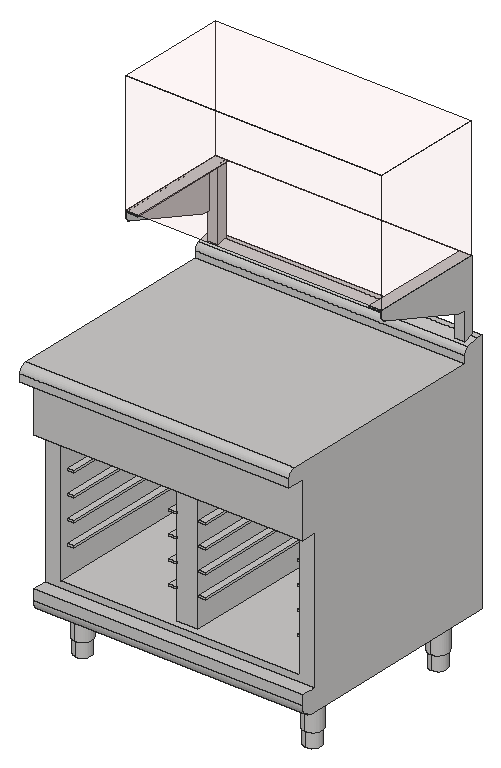
Revit family "QF_MOFFAT WALDORF_BTL8900S-CB", category Specialty Equipment, Revit 2012
Parameters
  Weight in Pounds = 205.0297  # constant formula
  Width [instance] = 900.00 mm  # constant formula
  URL Cutsheet = "www.moffat.com"
  URL = "www.moffat.com"
  Type Mark [instance] = ""
  Status [instance] = ""
  Specification by User [instance] = ""
  Specification by Manufacturer = ""
  Show Clearance [instance] = yes
  Show Casters [instance] = no
  Serial Number = ""
  Seismic Rating = ""
  SMACNA No = ""
  Revision Code [instance] = ""
  Omniclass Number and Title = ""
  NAFEM Spec ID Number = ""
  Model = "BTL8900S-CB"
  Masterspec = ""
  Manufacturer = "MOFFAT WALDORF"
  Legs [instance] = not(Show Casters)  # yes
  Item Number [instance] = ""
  Installed By [instance] = ""
  Identify Quantity as Lot [instance] = yes
  Height = 972.00 mm  # constant formula
  Furnished By [instance] = ""
  Foodservice Equipment Identifier [instance] = yes
  Description = "BENCH TOP LOW SPLASHBACK FOR SALAMANDER ON CABINET BASE"
  Depth [instance] = 805.00 mm  # constant formula
  CSI MasterFormat = ""
  CSI Master Format = ""
  Back Splash [instance] = 215.00 mm  # constant formula
Reference planes
  plane 1 "BACK": y = 0
  plane 2: z = 0
  plane 3 "LEFT": x = 0
  plane 4 "RIGHT": x = 900
  plane 5 "FRONT": y = -805
  plane 6 "TOP": z = 972
  plane 7 "Center Y": x = 450
  plane 8 "Center X": y = -402.5
  plane 9 "Base Height": z = 150
  plane 10: z = 915
  plane 11: x = 65
  plane 12: x = 834.938
  plane 13: y = -625
  plane 14: y = -100
  plane 15: z = 1612.004
Forms (mm)
  Extrusion 1, solid, material "QF_Finishes_Stainless Steel"
    sketch origin (0, 0, 0) x (0, 1, 0) y (0, 0, 1)
      loop
        line (-144, 222.5) -> (-749, 222.5) -> (-749, 188)
        arc (-749, 188) -> (-737.87, 161.13) -> (-711, 150) r 38
        line (-711, 150) -> (0, 150) -> (0, 972) -> (-16.5, 972) -> (-58, 960.88)
        arc (-58, 960.88) -> (-66.785, 952.095) -> (-70, 940.095) r 24
        line (-70, 940.095) -> (-70, 917) -> (-781, 917)
        arc (-781, 917) -> (-797.971, 909.971) -> (-805, 893) r 24
        line (-805, 893) -> (-805, 868) -> (-749, 868) -> (-749, 685) -> (-144, 685) -> (-144, 222.5)
    from 0 to 900
  Revolve 2, solid, material "QF_Finishes_Stainless Steel", visible <- "Legs"
    sketch origin (65, -165, 0) x (0, 1, 0) y (0, 0, 1)
      loop
        line (33.25, 150) -> (33.25, 50) -> (37.5, 50) -> (37.5, 0) -> (65, 0) -> (65, 150) -> (33.25, 150)
      axis (65, 150) -> (65, 0)
    angle from 0 to 360
  Revolve 3, solid, material "QF_Finishes_Stainless Steel"
    sketch origin (65, -735, 0) x (0, 1, 0) y (0, 0, 1)
      loop
        line (78.25, 150) -> (78.25, 50) -> (82.5, 50) -> (82.5, 0) -> (110, 0) -> (110, 150) -> (78.25, 150)
      axis (110, 150) -> (110, 0)
    angle from 0 to 360
  Revolve 4, solid, material "QF_Finishes_Stainless Steel", visible <- "Legs"
    sketch origin (834.938, -165, 0) x (0, 1, 0) y (0, 0, -1)
      loop
        line (33.25, -150) -> (65, -150) -> (65, 0) -> (37.5, 0) -> (37.5, -50) -> (33.25, -50) -> (33.25, -150)
      axis (65, -150) -> (65, 0)
    angle from 0 to 360
  Revolve 5, solid, material "QF_Finishes_Stainless Steel"
    sketch origin (834.938, -735, 0) x (0, 1, 0) y (0, 0, -1)
      loop
        line (78.25, -150) -> (110, -150) -> (110, 0) -> (82.5, 0) -> (82.5, -50) -> (78.25, -50) -> (78.25, -150)
      axis (110, -150) -> (110, 0)
    angle from 0 to 360
  Extrusion 6, solid, material "QF_Finishes_Stainless Steel"
    sketch origin (0, -70, 1085.255) x (0, 0, -1) y (1, 0, 0)
      loop
        line (400.255, 850) -> (400.255, 50) -> (842.755, 50) -> (842.755, 850) -> (400.255, 850)
      loop
        line (345.255, 0) -> (862.755, 0) -> (862.755, 900) -> (345.255, 900) -> (345.255, 0)
    from 0 to 629
  Extrusion 7, solid, material "QF_Finishes_Stainless Steel"
    sketch origin (0, -70, 1085.255) x (0, 0, -1) y (1, 0, 0)
      loop
        line (400.255, 419.5) -> (842.755, 419.5) -> (842.755, 490.5) -> (400.255, 490.5) -> (400.255, 419.5)
    from 74 to 604
  Extrusion 8, solid, material "QF_Finishes_Stainless Steel"
    sketch origin (0, -70, 1085.255) x (0, 0, -1) y (1, 0, 0)
      loop
        line (596.505, 419.5) -> (590.155, 419.5) -> (590.155, 394.5) -> (596.505, 394.5) -> (596.505, 419.5)
      loop
        line (671.505, 419.5) -> (665.155, 419.5) -> (665.155, 394.5) -> (671.505, 394.5) -> (671.505, 419.5)
      loop
        line (671.505, 50) -> (671.505, 75) -> (665.155, 75) -> (665.155, 50) -> (671.505, 50)
      loop
        line (590.155, 75) -> (590.155, 50) -> (596.505, 50) -> (596.505, 75) -> (590.155, 75)
      loop
        line (746.505, 419.5) -> (740.155, 419.5) -> (740.155, 394.5) -> (746.505, 394.5) -> (746.505, 419.5)
      loop
        line (746.505, 50) -> (746.505, 75) -> (740.155, 75) -> (740.155, 50) -> (746.505, 50)
      loop
        line (521.505, 419.5) -> (515.155, 419.5) -> (515.155, 394.5) -> (521.505, 394.5) -> (521.505, 419.5)
      loop
        line (515.155, 75) -> (515.155, 50) -> (521.505, 50) -> (521.505, 75) -> (515.155, 75)
    from 74 to 604
  Extrusion 9, solid, material "QF_Finishes_Stainless Steel"
    sketch origin (430.5, -70, 1085.255) x (0, 0, -1) y (1, 0, 0)
      loop
        line (596.505, 419.5) -> (590.155, 419.5) -> (590.155, 394.5) -> (596.505, 394.5) -> (596.505, 419.5)
      loop
        line (671.505, 419.5) -> (665.155, 419.5) -> (665.155, 394.5) -> (671.505, 394.5) -> (671.505, 419.5)
      loop
        line (671.505, 60) -> (671.505, 85) -> (665.155, 85) -> (665.155, 60) -> (671.505, 60)
      loop
        line (590.155, 85) -> (590.155, 60) -> (596.505, 60) -> (596.505, 85) -> (590.155, 85)
      loop
        line (746.505, 419.5) -> (740.155, 419.5) -> (740.155, 394.5) -> (746.505, 394.5) -> (746.505, 419.5)
      loop
        line (746.505, 60) -> (746.505, 85) -> (740.155, 85) -> (740.155, 60) -> (746.505, 60)
      loop
        line (521.505, 419.5) -> (515.155, 419.5) -> (515.155, 394.5) -> (521.505, 394.5) -> (521.505, 419.5)
      loop
        line (515.155, 85) -> (515.155, 60) -> (521.505, 60) -> (521.505, 85) -> (515.155, 85)
    from 74 to 604
  Extrusion 10, solid, material "QF_Clearance", visible <- "Show Clearance"
    sketch origin (900.02, -45, 1207.004) x (0, 1, 0) y (-1, 0, 0)
      loop
        line (-346, 878.54) -> (-346, 21.5) -> (32, 21.5) -> (32, 878.54) -> (-346, 878.54)
    from 0 to 405
  Extrusion 11, solid, material "QF_Finishes_Stainless Steel"
    sketch origin (-0.02, 0, 0.004) x (0, 1, 0) y (0, 0, 1)
      loop
        line (-13, 1204.5) -> (-45, 1204.5) -> (-45, 964.359) -> (-16.483, 972) -> (-13, 972) -> (-13, 1204.5)
    from 21.5 to 53.5
  Extrusion 12, solid, material "QF_Finishes_Stainless Steel"
    sketch origin (-0.02, 0, 0.004) x (0, 1, 0) y (0, 0, 1)
      loop
        line (-391, 1207) -> (-391, 1194.344)
        arc (-391, 1194.344) -> (-386.541, 1180.094) -> (-374.754, 1170.927) r 25
        line (-374.754, 1170.927) -> (-70, 1057) -> (-13, 1057) -> (-13, 1207) -> (-391, 1207)
    from 21.5 to 24.592
  Extrusion 13, solid, material "QF_Finishes_Stainless Steel"
    sketch origin (-0.02, -45, 1204.504) x (0, 1, 0) y (-1, 0, 0)
      loop
        line (32, -24.592) -> (-346, -24.592) -> (-346, -64) -> (32, -64) -> (32, -24.592)
    from 0 to 2.5
  Extrusion 14, solid, material "QF_Finishes_Stainless Steel"
    sketch origin (900.02, 0, 0.004) x (0, 1, 0) y (0, 0, -1)
      loop
        line (-13, -1204.5) -> (-13, -972) -> (-16.483, -972) -> (-45, -964.359) -> (-45, -1204.5) -> (-13, -1204.5)
    from 21.5 to 53.5
  Extrusion 15, solid, material "QF_Finishes_Stainless Steel"
    sketch origin (900.02, 0, 0.004) x (0, 1, 0) y (0, 0, -1)
      loop
        line (-391, -1207) -> (-13, -1207) -> (-13, -1057) -> (-70, -1057) -> (-374.754, -1170.927)
        arc (-374.754, -1170.927) -> (-386.541, -1180.094) -> (-391, -1194.344) r 25
        line (-391, -1194.344) -> (-391, -1207)
    from 21.5 to 24.592
  Extrusion 16, solid, material "QF_Finishes_Stainless Steel"
    sketch origin (900.02, -45, 1204.504) x (0, 1, 0) y (-1, 0, 0)
      loop
        line (32, 24.592) -> (32, 64) -> (-346, 64) -> (-346, 24.592) -> (32, 24.592)
    from 0 to 2.5
  Extrusion 17, void
    sketch origin (0, 0, 223) x (1, 0, 0) y (0, 1, 0)
      loop
        line (824, -87) -> (824, 0) -> (694, 0) -> (694, -39) -> (744, -87) -> (824, -87)
    from 0 to 476
Cuts and joins
  Extrusion 17 cuts Extrusion 1
  Extrusion 17 cuts Extrusion 6
  joined: Extrusion 1, Extrusion 6
  joined: Extrusion 14, Extrusion 15, Extrusion 16
  joined: Extrusion 11, Extrusion 12, Extrusion 13
  Extrusion 17 cuts Revolve 4
Lines and regions (mm)
  Split face 1
    outline origin (900, -16.5, 972) x (-1, 0, 0) y (0, -0.965926, -0.258819)
      loop
        line (770.5, 3.416) -> (770.5, 30.86) -> (750.5, 30.86) -> (750.5, 3.416) -> (770.5, 3.416)
  Split face 2
    outline origin (900, -16.5, 972) x (-1, 0, 0) y (0, -0.965926, -0.258819)
      loop
        line (743.544, 3.416) -> (743.544, 30.86) -> (723.544, 30.86) -> (723.544, 3.416) -> (743.544, 3.416)
  Split face 3
    outline origin (900, -16.5, 972) x (-1, 0, 0) y (0, -0.965926, -0.258819)
      loop
        line (696.446, 3.416) -> (716.446, 3.416) -> (716.446, 30.86) -> (696.446, 30.86) -> (696.446, 3.416)
  Split face 4
    outline origin (900, -16.5, 972) x (-1, 0, 0) y (0, -0.965926, -0.258819)
      loop
        line (669.453, 30.86) -> (669.453, 3.416) -> (689.453, 3.416) -> (689.453, 30.86) -> (669.453, 30.86)
  Split face 5
    outline origin (900, -16.5, 972) x (-1, 0, 0) y (0, -0.965926, -0.258819)
      loop
        line (642.5, 30.86) -> (642.5, 3.416) -> (662.5, 3.416) -> (662.5, 30.86) -> (642.5, 30.86)
  Split face 6
    outline origin (900, -16.5, 972) x (-1, 0, 0) y (0, -0.965926, -0.258819)
      loop
        line (615.5, 30.86) -> (615.5, 3.416) -> (635.5, 3.416) -> (635.5, 30.86) -> (615.5, 30.86)
  Split face 7
    outline origin (900, -16.5, 972) x (-1, 0, 0) y (0, -0.965926, -0.258819)
      loop
        line (588.5, 30.86) -> (588.5, 3.416) -> (608.5, 3.416) -> (608.5, 30.86) -> (588.5, 30.86)
  Split face 8
    outline origin (900, -16.5, 972) x (-1, 0, 0) y (0, -0.965926, -0.258819)
      loop
        line (581.5, 30.86) -> (561.5, 30.86) -> (561.5, 3.416) -> (581.5, 3.416) -> (581.5, 30.86)
  Split face 9
    outline origin (900, -16.5, 972) x (-1, 0, 0) y (0, -0.965926, -0.258819)
      loop
        line (554.5, 3.416) -> (554.5, 30.86) -> (534.5, 30.86) -> (534.5, 3.416) -> (554.5, 3.416)
  Split face 10
    outline origin (900, -16.5, 972) x (-1, 0, 0) y (0, -0.965926, -0.258819)
      loop
        line (507.5, 30.86) -> (507.5, 3.416) -> (527.5, 3.416) -> (527.5, 30.86) -> (507.5, 30.86)
  Split face 11
    outline origin (900, -16.5, 972) x (-1, 0, 0) y (0, -0.965926, -0.258819)
      loop
        line (480.5, 30.86) -> (480.5, 3.416) -> (500.5, 3.416) -> (500.5, 30.86) -> (480.5, 30.86)
  Split face 12
    outline origin (900, -16.5, 972) x (-1, 0, 0) y (0, -0.965926, -0.258819)
      loop
        line (453.5, 30.86) -> (453.5, 3.416) -> (473.5, 3.416) -> (473.5, 30.86) -> (453.5, 30.86)
  Split face 13
    outline origin (900, -16.5, 972) x (-1, 0, 0) y (0, -0.965926, -0.258819)
      loop
        line (426.5, 3.416) -> (446.5, 3.416) -> (446.5, 30.86) -> (426.5, 30.86) -> (426.5, 3.416)
  Split face 14
    outline origin (900, -16.5, 972) x (-1, 0, 0) y (0, -0.965926, -0.258819)
      loop
        line (399.5, 3.416) -> (419.5, 3.416) -> (419.5, 30.86) -> (399.5, 30.86) -> (399.5, 3.416)
  Split face 15
    outline origin (900, -16.5, 972) x (-1, 0, 0) y (0, -0.965926, -0.258819)
      loop
        line (372.5, 3.416) -> (392.5, 3.416) -> (392.5, 30.86) -> (372.5, 30.86) -> (372.5, 3.416)
  Split face 16
    outline origin (900, -16.5, 972) x (-1, 0, 0) y (0, -0.965926, -0.258819)
      loop
        line (345.5, 30.86) -> (345.5, 3.416) -> (365.5, 3.416) -> (365.5, 30.86) -> (345.5, 30.86)
  Split face 17
    outline origin (900, -16.5, 972) x (-1, 0, 0) y (0, -0.965926, -0.258819)
      loop
        line (338.5, 30.86) -> (318.5, 30.86) -> (318.5, 3.416) -> (338.5, 3.416) -> (338.5, 30.86)
  Split face 18
    outline origin (900, -16.5, 972) x (-1, 0, 0) y (0, -0.965926, -0.258819)
      loop
        line (291.5, 3.416) -> (311.5, 3.416) -> (311.5, 30.86) -> (291.5, 30.86) -> (291.5, 3.416)
  Split face 19
    outline origin (900, -16.5, 972) x (-1, 0, 0) y (0, -0.965926, -0.258819)
      loop
        line (264.5, 3.416) -> (284.5, 3.416) -> (284.5, 30.86) -> (264.5, 30.86) -> (264.5, 3.416)
  Split face 20
    outline origin (900, -16.5, 972) x (-1, 0, 0) y (0, -0.965926, -0.258819)
      loop
        line (257.5, 3.416) -> (257.5, 30.86) -> (237.5, 30.86) -> (237.5, 3.416) -> (257.5, 3.416)
  Split face 21
    outline origin (900, -16.5, 972) x (-1, 0, 0) y (0, -0.965926, -0.258819)
      loop
        line (230.5, 30.86) -> (210.5, 30.86) -> (210.5, 3.416) -> (230.5, 3.416) -> (230.5, 30.86)
  Split face 22
    outline origin (900, -16.5, 972) x (-1, 0, 0) y (0, -0.965926, -0.258819)
      loop
        line (183.5, 30.86) -> (183.5, 3.416) -> (203.5, 3.416) -> (203.5, 30.86) -> (183.5, 30.86)
  Split face 23
    outline origin (900, -16.5, 972) x (-1, 0, 0) y (0, -0.965926, -0.258819)
      loop
        line (176.5, 30.86) -> (156.5, 30.86) -> (156.5, 3.416) -> (176.5, 3.416) -> (176.5, 30.86)
  Split face 24
    outline origin (900, -16.5, 972) x (-1, 0, 0) y (0, -0.965926, -0.258819)
      loop
        line (129.5, 30.86) -> (129.5, 3.416) -> (149.5, 3.416) -> (149.5, 30.86) -> (129.5, 30.86)
  symbolic lines
    curve 1: line (0, 0, 0) -> (0, -805, 0)
    curve 2: line (900, 0, 0) -> (0, 0, 0)
    curve 3: line (900, -805, 0) -> (900, 0, 0)
    curve 4: line (0, -70, 0) -> (21.48, -70, 0)
    curve 5: line (0, -805, 0) -> (900, -805, 0)
    curve 6: line (129.5, -50.642, 0) -> (129.5, -22.583, 0)
    curve 7: line (129.5, -22.583, 0) -> (149.5, -22.583, 0)
    curve 8: line (149.5, -22.583, 0) -> (149.5, -50.642, 0)
    curve 9: line (149.5, -50.642, 0) -> (129.5, -50.642, 0)
    curve 10: line (156.456, -50.642, 0) -> (156.456, -22.583, 0)
    curve 11: line (156.456, -22.583, 0) -> (176.456, -22.583, 0)
    curve 12: line (176.456, -22.583, 0) -> (176.456, -50.642, 0)
    curve 13: line (176.456, -50.642, 0) -> (156.456, -50.642, 0)
    curve 14: line (183.554, -50.642, 0) -> (183.554, -22.583, 0)
    curve 15: line (183.554, -22.583, 0) -> (203.554, -22.583, 0)
    curve 16: line (203.554, -22.583, 0) -> (203.554, -50.642, 0)
    curve 17: line (203.554, -50.642, 0) -> (183.554, -50.642, 0)
    curve 18: line (210.547, -50.642, 0) -> (210.547, -22.583, 0)
    curve 19: line (210.547, -22.583, 0) -> (230.547, -22.583, 0)
    curve 20: line (230.547, -22.583, 0) -> (230.547, -50.642, 0)
    curve 21: line (230.547, -50.642, 0) -> (210.547, -50.642, 0)
    curve 22: line (237.5, -50.642, 0) -> (237.5, -22.583, 0)
    curve 23: line (237.5, -22.583, 0) -> (257.5, -22.583, 0)
    curve 24: line (257.5, -22.583, 0) -> (257.5, -50.642, 0)
    curve 25: line (257.5, -50.642, 0) -> (237.5, -50.642, 0)
    curve 26: line (264.5, -50.642, 0) -> (264.5, -22.583, 0)
    curve 27: line (264.5, -22.583, 0) -> (284.5, -22.583, 0)
    curve 28: line (284.5, -22.583, 0) -> (284.5, -50.642, 0)
    curve 29: line (284.5, -50.642, 0) -> (264.5, -50.642, 0)
    curve 30: line (291.5, -50.642, 0) -> (291.5, -22.583, 0)
    curve 31: line (291.5, -22.583, 0) -> (311.5, -22.583, 0)
    curve 32: line (311.5, -22.583, 0) -> (311.5, -50.642, 0)
    curve 33: line (311.5, -50.642, 0) -> (291.5, -50.642, 0)
    curve 34: line (318.5, -50.642, 0) -> (318.5, -22.583, 0)
    curve 35: line (318.5, -22.583, 0) -> (338.5, -22.583, 0)
    curve 36: line (338.5, -22.583, 0) -> (338.5, -50.642, 0)
    curve 37: line (338.5, -50.642, 0) -> (318.5, -50.642, 0)
    curve 38: line (345.5, -50.642, 0) -> (345.5, -22.583, 0)
    curve 39: line (345.5, -22.583, 0) -> (365.5, -22.583, 0)
    curve 40: line (365.5, -22.583, 0) -> (365.5, -50.642, 0)
    curve 41: line (365.5, -50.642, 0) -> (345.5, -50.642, 0)
    curve 42: line (372.5, -50.642, 0) -> (372.5, -22.583, 0)
    curve 43: line (372.5, -22.583, 0) -> (392.5, -22.583, 0)
    curve 44: line (392.5, -22.583, 0) -> (392.5, -50.642, 0)
    curve 45: line (392.5, -50.642, 0) -> (372.5, -50.642, 0)
    curve 46: line (399.5, -50.642, 0) -> (399.5, -22.583, 0)
    curve 47: line (399.5, -22.583, 0) -> (419.5, -22.583, 0)
    curve 48: line (419.5, -22.583, 0) -> (419.5, -50.642, 0)
    curve 49: line (419.5, -50.642, 0) -> (399.5, -50.642, 0)
    curve 50: line (426.5, -50.642, 0) -> (426.5, -22.583, 0)
    curve 51: line (426.5, -22.583, 0) -> (446.5, -22.583, 0)
    curve 52: line (446.5, -22.583, 0) -> (446.5, -50.642, 0)
    curve 53: line (446.5, -50.642, 0) -> (426.5, -50.642, 0)
    curve 54: line (453.5, -50.642, 0) -> (453.5, -22.583, 0)
    curve 55: line (453.5, -22.583, 0) -> (473.5, -22.583, 0)
    curve 56: line (473.5, -22.583, 0) -> (473.5, -50.642, 0)
    curve 57: line (473.5, -50.642, 0) -> (453.5, -50.642, 0)
    curve 58: line (480.5, -50.642, 0) -> (480.5, -22.583, 0)
    curve 59: line (480.5, -22.583, 0) -> (500.5, -22.583, 0)
    curve 60: line (500.5, -22.583, 0) -> (500.5, -50.642, 0)
    curve 61: line (500.5, -50.642, 0) -> (480.5, -50.642, 0)
    curve 62: line (507.5, -50.642, 0) -> (507.5, -22.583, 0)
    curve 63: line (507.5, -22.583, 0) -> (527.5, -22.583, 0)
    curve 64: line (527.5, -22.583, 0) -> (527.5, -50.642, 0)
    curve 65: line (527.5, -50.642, 0) -> (507.5, -50.642, 0)
    curve 66: line (534.5, -50.642, 0) -> (534.5, -22.583, 0)
    curve 67: line (534.5, -22.583, 0) -> (554.5, -22.583, 0)
    curve 68: line (554.5, -22.583, 0) -> (554.5, -50.642, 0)
    curve 69: line (554.5, -50.642, 0) -> (534.5, -50.642, 0)
    curve 70: line (561.5, -50.642, 0) -> (561.5, -22.583, 0)
    curve 71: line (561.5, -22.583, 0) -> (581.5, -22.583, 0)
    curve 72: line (581.5, -22.583, 0) -> (581.5, -50.642, 0)
    curve 73: line (581.5, -50.642, 0) -> (561.5, -50.642, 0)
    curve 74: line (588.5, -50.642, 0) -> (588.5, -22.583, 0)
    curve 75: line (588.5, -22.583, 0) -> (608.5, -22.583, 0)
    curve 76: line (608.5, -22.583, 0) -> (608.5, -50.642, 0)
    curve 77: line (608.5, -50.642, 0) -> (588.5, -50.642, 0)
    curve 78: line (615.5, -50.642, 0) -> (615.5, -22.583, 0)
    curve 79: line (615.5, -22.583, 0) -> (635.5, -22.583, 0)
    curve 80: line (635.5, -22.583, 0) -> (635.5, -50.642, 0)
    curve 81: line (635.5, -50.642, 0) -> (615.5, -50.642, 0)
    curve 82: line (642.5, -50.642, 0) -> (642.5, -22.583, 0)
    curve 83: line (642.5, -22.583, 0) -> (662.5, -22.583, 0)
    curve 84: line (662.5, -22.583, 0) -> (662.5, -50.642, 0)
    curve 85: line (662.5, -50.642, 0) -> (642.5, -50.642, 0)
    curve 86: line (669.5, -50.642, 0) -> (669.5, -22.583, 0)
    curve 87: line (669.5, -22.583, 0) -> (689.5, -22.583, 0)
    curve 88: line (689.5, -22.583, 0) -> (689.5, -50.642, 0)
    curve 89: line (689.5, -50.642, 0) -> (669.5, -50.642, 0)
    curve 90: line (696.5, -50.642, 0) -> (696.5, -22.583, 0)
    curve 91: line (696.5, -22.583, 0) -> (716.5, -22.583, 0)
    curve 92: line (716.5, -22.583, 0) -> (716.5, -50.642, 0)
    curve 93: line (716.5, -50.642, 0) -> (696.5, -50.642, 0)
    curve 94: line (723.5, -50.642, 0) -> (723.5, -22.583, 0)
    curve 95: line (723.5, -22.583, 0) -> (743.5, -22.583, 0)
    curve 96: line (743.5, -22.583, 0) -> (743.5, -50.642, 0)
    curve 97: line (743.5, -50.642, 0) -> (723.5, -50.642, 0)
    curve 98: line (750.5, -50.642, 0) -> (750.5, -22.583, 0)
    curve 99: line (750.5, -22.583, 0) -> (770.5, -22.583, 0)
    curve 100: line (770.5, -22.583, 0) -> (770.5, -50.642, 0)
    curve 101: line (770.5, -50.642, 0) -> (750.5, -50.642, 0)
    curve 106: line (21.48, -13, 0) -> (21.48, -391, 0)
    curve 107: line (21.48, -391, 0) -> (63.98, -391, 0)
    curve 108: line (63.98, -391, 0) -> (63.98, -13, 0)
    curve 109: line (63.98, -13, 0) -> (21.48, -13, 0)
    curve 110: line (878.52, -13, 0) -> (878.52, -391, 0)
    curve 111: line (878.52, -391, 0) -> (836.02, -391, 0)
    curve 112: line (836.02, -391, 0) -> (836.02, -13, 0)
    curve 113: line (836.02, -13, 0) -> (878.52, -13, 0)
    curve 114: line (878.52, -70, 0) -> (900, -70, 0)
    curve 115: line (63.98, -70, 0) -> (836.02, -70, 0)
  symbolic lines, style "QF_Clearances", visible <- "Show Clearance"
    curve 102: line (21.48, -13, 0) -> (21.48, -391, 0)
    curve 103: line (21.48, -391, 0) -> (878.52, -391, 0)
    curve 104: line (878.52, -391, 0) -> (878.52, -13, 0)
    curve 105: line (878.52, -13, 0) -> (21.48, -13, 0)
Dimensions and locks
  equal spacing: plane 3 "LEFT", plane 7 "Center Y", plane 4 "RIGHT"
  "Width": plane 3 "LEFT" to plane 4 "RIGHT"
  equal spacing: plane 5 "FRONT", plane 8 "Center X", plane 1 "BACK"
  "Depth": plane 5 "FRONT" to plane 1 "BACK"
  locked: plane 10 to level at 915
  locked: plane 9 "Base Height" to level at 150
  plane 6 "TOP" to plane 10 = 57.00 mm
  plane 13 to plane 14 = 525.00 mm
  plane 12 to plane 11 = 769.938 mm
  "Height": plane 6 "TOP" to level
  plane 15 to level = 1612.004 mm
  aligned and locked: level to plane 2
Automatic sketch dimensions
  Revolve 2 sketch curve to plane 9 "Base Height" = 0.00 mm
  Revolve 2 sketch curve to level = 0.00 mm
  Revolve 2 sketch curve to plane 14 = 0.00 mm  (x2)
  Revolve 2 sketch curve to Revolve 2 sketch curve = 27.50 mm
  Revolve 2 sketch curve to Revolve 2 sketch curve = 31.75 mm
  Revolve 2 sketch curve to level = 55.00 mm
  Revolve 2 sketch curve to Revolve 2 sketch curve = 50.00 mm
  Revolve 2 sketch curve to Revolve 2 sketch curve = 0.00 mm
  Revolve 3 sketch curve to plane 9 "Base Height" = 0.00 mm
  Revolve 3 sketch curve to level = 0.00 mm
  Revolve 3 sketch curve to plane 13 = 0.00 mm  (x2)
  Revolve 3 sketch curve to plane 13 = 27.50 mm
  Revolve 3 sketch curve to Revolve 3 sketch curve = 31.75 mm
  Revolve 3 sketch curve to Revolve 3 sketch curve = 55.00 mm
  level to Revolve 3 sketch curve = 50.00 mm
  Revolve 3 sketch curve to Revolve 3 sketch curve = 0.00 mm
  Revolve 4 sketch curve to plane 9 "Base Height" = 0.00 mm
  Revolve 4 sketch curve to level = 0.00 mm
  Revolve 4 sketch curve to plane 14 = 0.00 mm  (x2)
  Revolve 4 sketch curve to Revolve 4 sketch curve = 27.50 mm
  Revolve 4 sketch curve to Revolve 4 sketch curve = 31.75 mm
  level to Revolve 4 sketch curve = 50.00 mm
  Revolve 4 sketch curve to Revolve 4 sketch curve = 0.00 mm
  Revolve 4 sketch curve to Revolve 4 sketch curve = 55.00 mm
  Revolve 5 sketch curve to plane 9 "Base Height" = 0.00 mm
  Revolve 5 sketch curve to level = 0.00 mm
  Revolve 5 sketch curve to plane 13 = 0.00 mm  (x2)
  Revolve 5 sketch curve to plane 13 = 27.50 mm
  Revolve 5 sketch curve to plane 13 = 31.75 mm
  level to Revolve 5 sketch curve = 50.00 mm
  Revolve 5 sketch curve to Revolve 5 sketch curve = 0.00 mm
  Revolve 5 sketch curve to Revolve 5 sketch curve = 55.00 mm
  Extrusion 7 sketch curve to Extrusion 7 sketch curve = 71.00 mm
  Extrusion 8 sketch curve to Extrusion 8 sketch curve = 6.35 mm  (x8)
  Extrusion 8 sketch curve to Extrusion 8 sketch curve = 68.65 mm  (x6)
  Extrusion 8 sketch curve to Extrusion 8 sketch curve = 25.00 mm  (x8)
  Extrusion 8 sketch curve to Extrusion 8 sketch curve = 319.50 mm
  Extrusion 8 sketch curve to Extrusion 8 sketch curve = 0.00 mm  (x4)
  Extrusion 9 sketch curve to Extrusion 9 sketch curve = 6.35 mm  (x8)
  Extrusion 9 sketch curve to Extrusion 9 sketch curve = 68.65 mm  (x6)
  Extrusion 9 sketch curve to Extrusion 9 sketch curve = 25.00 mm  (x8)
  Extrusion 9 sketch curve to Extrusion 9 sketch curve = 0.00 mm  (x6)
  Extrusion 9 sketch curve to Extrusion 9 sketch curve = 309.50 mm
  cut or joined group of Extrusion 1, Extrusion 6, Extrusion 17 to Split face 1 sketch curve = 3.416 mm
  Split face 1 sketch curve to cut or joined group of Extrusion 1, Extrusion 6, Extrusion 17 = 149.50 mm
  Split face 1 sketch curve to Split face 1 sketch curve = 20.00 mm
  Split face 1 sketch curve to cut or joined group of Extrusion 1, Extrusion 6, Extrusion 17 = 12.104 mm
  cut or joined group of Extrusion 1, Extrusion 6, Extrusion 17 to Split face 2 sketch curve = 3.416 mm
  Split face 2 sketch curve to cut or joined group of Extrusion 1, Extrusion 6, Extrusion 17 = 176.456 mm
  Split face 2 sketch curve to Split face 2 sketch curve = 20.00 mm
  Split face 2 sketch curve to cut or joined group of Extrusion 1, Extrusion 6, Extrusion 17 = 12.104 mm
  Split face 3 sketch curve to cut or joined group of Extrusion 1, Extrusion 6, Extrusion 17 = 12.104 mm
  Split face 3 sketch curve to cut or joined group of Extrusion 1, Extrusion 6, Extrusion 17 = 203.554 mm
  cut or joined group of Extrusion 1, Extrusion 6, Extrusion 17 to Split face 3 sketch curve = 3.416 mm
  Split face 3 sketch curve to Split face 3 sketch curve = 20.00 mm
  Split face 4 sketch curve to cut or joined group of Extrusion 1, Extrusion 6, Extrusion 17 = 12.104 mm
  Split face 4 sketch curve to cut or joined group of Extrusion 1, Extrusion 6, Extrusion 17 = 230.547 mm
  cut or joined group of Extrusion 1, Extrusion 6, Extrusion 17 to Split face 4 sketch curve = 3.416 mm
  Split face 4 sketch curve to Split face 4 sketch curve = 20.00 mm
  cut or joined group of Extrusion 1, Extrusion 6, Extrusion 17 to Split face 5 sketch curve = 3.416 mm
  Split face 5 sketch curve to cut or joined group of Extrusion 1, Extrusion 6, Extrusion 17 = 257.50 mm
  Split face 5 sketch curve to Split face 5 sketch curve = 20.00 mm
  Split face 5 sketch curve to cut or joined group of Extrusion 1, Extrusion 6, Extrusion 17 = 12.104 mm
  Split face 6 sketch curve to cut or joined group of Extrusion 1, Extrusion 6, Extrusion 17 = 12.104 mm
  Split face 6 sketch curve to cut or joined group of Extrusion 1, Extrusion 6, Extrusion 17 = 284.50 mm
  cut or joined group of Extrusion 1, Extrusion 6, Extrusion 17 to Split face 6 sketch curve = 3.416 mm
  Split face 6 sketch curve to Split face 6 sketch curve = 20.00 mm
  Split face 7 sketch curve to cut or joined group of Extrusion 1, Extrusion 6, Extrusion 17 = 12.104 mm
  Split face 7 sketch curve to cut or joined group of Extrusion 1, Extrusion 6, Extrusion 17 = 311.50 mm
  cut or joined group of Extrusion 1, Extrusion 6, Extrusion 17 to Split face 7 sketch curve = 3.416 mm
  Split face 7 sketch curve to Split face 7 sketch curve = 20.00 mm
  Split face 8 sketch curve to cut or joined group of Extrusion 1, Extrusion 6, Extrusion 17 = 12.104 mm
  Split face 8 sketch curve to cut or joined group of Extrusion 1, Extrusion 6, Extrusion 17 = 338.50 mm
  cut or joined group of Extrusion 1, Extrusion 6, Extrusion 17 to Split face 8 sketch curve = 3.416 mm
  Split face 8 sketch curve to Split face 8 sketch curve = 20.00 mm
  cut or joined group of Extrusion 1, Extrusion 6, Extrusion 17 to Split face 9 sketch curve = 3.416 mm
  Split face 9 sketch curve to cut or joined group of Extrusion 1, Extrusion 6, Extrusion 17 = 365.50 mm
  Split face 9 sketch curve to Split face 9 sketch curve = 20.00 mm
  Split face 9 sketch curve to cut or joined group of Extrusion 1, Extrusion 6, Extrusion 17 = 12.104 mm
  Split face 10 sketch curve to cut or joined group of Extrusion 1, Extrusion 6, Extrusion 17 = 12.104 mm
  Split face 10 sketch curve to cut or joined group of Extrusion 1, Extrusion 6, Extrusion 17 = 392.50 mm
  cut or joined group of Extrusion 1, Extrusion 6, Extrusion 17 to Split face 10 sketch curve = 3.416 mm
  Split face 10 sketch curve to Split face 10 sketch curve = 20.00 mm
  Split face 11 sketch curve to cut or joined group of Extrusion 1, Extrusion 6, Extrusion 17 = 12.104 mm
  Split face 11 sketch curve to cut or joined group of Extrusion 1, Extrusion 6, Extrusion 17 = 419.50 mm
  cut or joined group of Extrusion 1, Extrusion 6, Extrusion 17 to Split face 11 sketch curve = 3.416 mm
  Split face 11 sketch curve to Split face 11 sketch curve = 20.00 mm
  Split face 12 sketch curve to cut or joined group of Extrusion 1, Extrusion 6, Extrusion 17 = 12.104 mm
  Split face 12 sketch curve to cut or joined group of Extrusion 1, Extrusion 6, Extrusion 17 = 446.50 mm
  cut or joined group of Extrusion 1, Extrusion 6, Extrusion 17 to Split face 12 sketch curve = 3.416 mm
  Split face 12 sketch curve to Split face 12 sketch curve = 20.00 mm
  cut or joined group of Extrusion 1, Extrusion 6, Extrusion 17 to Split face 13 sketch curve = 3.416 mm
  Split face 13 sketch curve to cut or joined group of Extrusion 1, Extrusion 6, Extrusion 17 = 426.50 mm
  Split face 13 sketch curve to Split face 13 sketch curve = 20.00 mm
  Split face 13 sketch curve to cut or joined group of Extrusion 1, Extrusion 6, Extrusion 17 = 12.104 mm
  cut or joined group of Extrusion 1, Extrusion 6, Extrusion 17 to Split face 14 sketch curve = 3.416 mm
  Split face 14 sketch curve to cut or joined group of Extrusion 1, Extrusion 6, Extrusion 17 = 399.50 mm
  Split face 14 sketch curve to Split face 14 sketch curve = 20.00 mm
  Split face 14 sketch curve to cut or joined group of Extrusion 1, Extrusion 6, Extrusion 17 = 12.104 mm
  cut or joined group of Extrusion 1, Extrusion 6, Extrusion 17 to Split face 15 sketch curve = 3.416 mm
  Split face 15 sketch curve to cut or joined group of Extrusion 1, Extrusion 6, Extrusion 17 = 372.50 mm
  Split face 15 sketch curve to Split face 15 sketch curve = 20.00 mm
  Split face 15 sketch curve to cut or joined group of Extrusion 1, Extrusion 6, Extrusion 17 = 12.104 mm
  Split face 16 sketch curve to cut or joined group of Extrusion 1, Extrusion 6, Extrusion 17 = 12.104 mm
  Split face 16 sketch curve to cut or joined group of Extrusion 1, Extrusion 6, Extrusion 17 = 345.50 mm
  cut or joined group of Extrusion 1, Extrusion 6, Extrusion 17 to Split face 16 sketch curve = 3.416 mm
  Split face 16 sketch curve to Split face 16 sketch curve = 20.00 mm
  Split face 17 sketch curve to cut or joined group of Extrusion 1, Extrusion 6, Extrusion 17 = 12.104 mm
  Split face 17 sketch curve to cut or joined group of Extrusion 1, Extrusion 6, Extrusion 17 = 318.50 mm
  cut or joined group of Extrusion 1, Extrusion 6, Extrusion 17 to Split face 17 sketch curve = 3.416 mm
  Split face 17 sketch curve to Split face 17 sketch curve = 20.00 mm
  Split face 18 sketch curve to cut or joined group of Extrusion 1, Extrusion 6, Extrusion 17 = 12.104 mm
  Split face 18 sketch curve to cut or joined group of Extrusion 1, Extrusion 6, Extrusion 17 = 291.50 mm
  cut or joined group of Extrusion 1, Extrusion 6, Extrusion 17 to Split face 18 sketch curve = 3.416 mm
  Split face 18 sketch curve to Split face 18 sketch curve = 20.00 mm
  cut or joined group of Extrusion 1, Extrusion 6, Extrusion 17 to Split face 19 sketch curve = 3.416 mm
  Split face 19 sketch curve to cut or joined group of Extrusion 1, Extrusion 6, Extrusion 17 = 264.50 mm
  Split face 19 sketch curve to Split face 19 sketch curve = 20.00 mm
  Split face 19 sketch curve to cut or joined group of Extrusion 1, Extrusion 6, Extrusion 17 = 12.104 mm
  cut or joined group of Extrusion 1, Extrusion 6, Extrusion 17 to Split face 20 sketch curve = 3.416 mm
  Split face 20 sketch curve to cut or joined group of Extrusion 1, Extrusion 6, Extrusion 17 = 237.50 mm
  Split face 20 sketch curve to Split face 20 sketch curve = 20.00 mm
  Split face 20 sketch curve to cut or joined group of Extrusion 1, Extrusion 6, Extrusion 17 = 12.104 mm
  Split face 21 sketch curve to cut or joined group of Extrusion 1, Extrusion 6, Extrusion 17 = 12.104 mm
  Split face 21 sketch curve to cut or joined group of Extrusion 1, Extrusion 6, Extrusion 17 = 210.50 mm
  cut or joined group of Extrusion 1, Extrusion 6, Extrusion 17 to Split face 21 sketch curve = 3.416 mm
  Split face 21 sketch curve to Split face 21 sketch curve = 20.00 mm
  cut or joined group of Extrusion 1, Extrusion 6, Extrusion 17 to Split face 22 sketch curve = 3.416 mm
  Split face 22 sketch curve to cut or joined group of Extrusion 1, Extrusion 6, Extrusion 17 = 183.50 mm
  Split face 22 sketch curve to Split face 22 sketch curve = 20.00 mm
  Split face 22 sketch curve to cut or joined group of Extrusion 1, Extrusion 6, Extrusion 17 = 12.104 mm
  Split face 23 sketch curve to cut or joined group of Extrusion 1, Extrusion 6, Extrusion 17 = 12.104 mm
  Split face 23 sketch curve to cut or joined group of Extrusion 1, Extrusion 6, Extrusion 17 = 156.50 mm
  cut or joined group of Extrusion 1, Extrusion 6, Extrusion 17 to Split face 23 sketch curve = 3.416 mm
  Split face 23 sketch curve to Split face 23 sketch curve = 20.00 mm
  cut or joined group of Extrusion 1, Extrusion 6, Extrusion 17 to Split face 24 sketch curve = 3.416 mm
  Split face 24 sketch curve to cut or joined group of Extrusion 1, Extrusion 6, Extrusion 17 = 129.50 mm
  Split face 24 sketch curve to Split face 24 sketch curve = 20.00 mm
  Split face 24 sketch curve to cut or joined group of Extrusion 1, Extrusion 6, Extrusion 17 = 12.104 mm
  Extrusion 11 sketch curve to plane 6 "TOP" = 7.637 mm
  Extrusion 11 sketch curve to plane 5 "FRONT" = 760.00 mm
  plane 6 "TOP" to Extrusion 11 sketch curve = 0.004 mm
  Extrusion 11 sketch curve to plane 5 "FRONT" = 788.517 mm
  Extrusion 11 sketch curve to Extrusion 11 sketch curve = 3.483 mm
  Extrusion 11 sketch curve to Extrusion 11 sketch curve = 232.50 mm
  Extrusion 12 sketch curve to plane 5 "FRONT" = 414.00 mm
  Extrusion 12 sketch curve to Extrusion 12 sketch curve = 16.246 mm
  Extrusion 12 sketch curve to Extrusion 12 sketch curve = 8.754 mm
  Extrusion 12 sketch curve to plane 5 "FRONT" = 735.00 mm
  Extrusion 12 sketch curve to plane 5 "FRONT" = 792.00 mm
  plane 6 "TOP" to Extrusion 12 sketch curve = 85.004 mm
  plane 6 "TOP" to Extrusion 12 sketch curve = 198.931 mm
  Extrusion 12 sketch curve to Extrusion 12 sketch curve = 12.656 mm
  Extrusion 11 to Extrusion 13 sketch curve = 0.00 mm
  Extrusion 11 to Extrusion 13 sketch curve = 3.092 mm
  Extrusion 11 to Extrusion 13 sketch curve = 346.00 mm
  Extrusion 13 sketch curve to Extrusion 11 = 10.50 mm
  Extrusion 14 sketch curve to plane 6 "TOP" = 7.637 mm
  Extrusion 14 sketch curve to plane 5 "FRONT" = 760.00 mm
  plane 6 "TOP" to Extrusion 14 sketch curve = 0.004 mm
  Extrusion 14 sketch curve to plane 5 "FRONT" = 788.517 mm
  Extrusion 14 sketch curve to Extrusion 14 sketch curve = 3.483 mm
  plane 6 "TOP" to Extrusion 14 sketch curve = 232.504 mm
  Extrusion 15 sketch curve to plane 5 "FRONT" = 414.00 mm
  Extrusion 15 sketch curve to Extrusion 15 sketch curve = 16.246 mm
  Extrusion 15 sketch curve to Extrusion 15 sketch curve = 8.754 mm
  Extrusion 15 sketch curve to plane 5 "FRONT" = 735.00 mm
  Extrusion 15 sketch curve to plane 5 "FRONT" = 792.00 mm
  plane 6 "TOP" to Extrusion 15 sketch curve = 235.004 mm
  Extrusion 15 sketch curve to Extrusion 15 sketch curve = 12.656 mm
  plane 6 "TOP" to Extrusion 15 sketch curve = 85.004 mm
  Extrusion 16 sketch curve to Extrusion 14 = 0.00 mm
  Extrusion 14 to Extrusion 16 sketch curve = 3.092 mm
  Extrusion 14 to Extrusion 16 sketch curve = 346.00 mm
  Extrusion 16 sketch curve to Extrusion 14 = 10.50 mm
  Extrusion 16 to Extrusion 10 sketch curve = 0.00 mm  (x2)
  Extrusion 16 to Extrusion 10 sketch curve = 3.092 mm
  Extrusion 16 to Extrusion 10 sketch curve = 814.54 mm
  plane 1 "BACK" to curve 1 = 0.00 mm
  curve 1 to plane 3 "LEFT" = 0.00 mm
  curve 3 to plane 4 "RIGHT" = 0.00 mm
  plane 5 "FRONT" to curve 5 = 0.00 mm
  curve 108 to plane 11 = 1.02 mm
  curve 6 to curve 7 = 20.00 mm
  curve 8 to curve 13 = 6.956 mm
  curve 10 to curve 11 = 20.00 mm
  curve 11 to curve 14 = 7.098 mm
  curve 14 to curve 16 = 20.00 mm
  curve 15 to curve 19 = 6.993 mm
  curve 18 to curve 21 = 20.00 mm
  curve 19 to curve 23 = 6.953 mm
  curve 22 to curve 23 = 20.00 mm
  curve 24 to curve 26 = 7.00 mm
  curve 26 to curve 27 = 20.00 mm
  curve 28 to curve 30 = 7.00 mm
  curve 30 to curve 31 = 20.00 mm
  curve 32 to curve 34 = 7.00 mm
  curve 34 to curve 35 = 20.00 mm
  curve 36 to curve 41 = 7.00 mm
  curve 38 to curve 40 = 20.00 mm
  curve 39 to curve 43 = 7.00 mm
  curve 42 to curve 44 = 20.00 mm
  curve 43 to curve 47 = 7.00 mm
  curve 46 to curve 47 = 20.00 mm
  curve 47 to curve 51 = 7.00 mm
  curve 52 to plane 7 "Center Y" = 3.50 mm
  plane 7 "Center Y" to curve 54 = 3.50 mm
  curve 54 to curve 55 = 20.00 mm
  curve 56 to curve 58 = 7.00 mm
  curve 58 to curve 59 = 20.00 mm
  curve 60 to curve 62 = 7.00 mm
  curve 62 to curve 63 = 20.00 mm
  curve 64 to curve 69 = 7.00 mm
  curve 66 to curve 69 = 20.00 mm
  curve 67 to curve 71 = 7.00 mm
  curve 70 to curve 73 = 20.00 mm
  curve 71 to curve 74 = 7.00 mm
  curve 74 to curve 76 = 20.00 mm
  curve 75 to curve 79 = 7.00 mm
  curve 78 to curve 80 = 20.00 mm
  curve 80 to curve 85 = 7.00 mm
  curve 82 to curve 85 = 20.00 mm
  curve 84 to curve 89 = 7.00 mm
  curve 86 to curve 88 = 20.00 mm
  curve 88 to curve 90 = 7.00 mm
  curve 90 to curve 91 = 20.00 mm
  curve 92 to curve 94 = 7.00 mm
  curve 94 to curve 96 = 20.00 mm
  curve 95 to curve 99 = 7.00 mm
  curve 98 to curve 99 = 20.00 mm
  curve 113 to plane 12 = 1.082 mm
  plane 4 "RIGHT" to curve 104 = 21.48 mm
  plane 8 "Center X" to curve 112 = 11.50 mm
  plane 14 to curve 4 = 30.00 mm
  plane 14 to curve 101 = 49.358 mm
  curve 8 to curve 10 = 0.00 mm  (x2)
  curve 97 to curve 98 = 0.00 mm
  curve 12 to curve 14 = 0.00 mm  (x2)
  curve 93 to curve 94 = 0.00 mm
  curve 16 to curve 18 = 0.00 mm  (x2)
  curve 89 to curve 90 = 0.00 mm
  curve 20 to curve 22 = 0.00 mm  (x2)
  curve 85 to curve 86 = 0.00 mm
  curve 24 to curve 26 = 0.00 mm  (x2)
  curve 81 to curve 82 = 0.00 mm
  curve 77 to curve 78 = 0.00 mm
  curve 28 to curve 32 = 0.00 mm
  curve 32 to curve 34 = 0.00 mm  (x2)
  curve 73 to curve 74 = 0.00 mm
  curve 36 to curve 38 = 0.00 mm  (x2)
  curve 69 to curve 70 = 0.00 mm
  curve 40 to curve 42 = 0.00 mm  (x2)
  curve 65 to curve 66 = 0.00 mm
  curve 44 to curve 46 = 0.00 mm  (x2)
  curve 61 to curve 62 = 0.00 mm
  curve 57 to curve 58 = 0.00 mm
  curve 52 to curve 54 = 0.00 mm  (x2)
  plane 1 "BACK" to curve 56 = 22.583 mm
  curve 55 to curve 58 = 0.00 mm
  curve 48 to curve 50 = 0.00 mm
  curve 59 to curve 62 = 0.00 mm
  curve 63 to curve 66 = 0.00 mm
  curve 67 to curve 70 = 0.00 mm
  curve 71 to curve 74 = 0.00 mm
  curve 75 to curve 78 = 0.00 mm
  curve 28 to curve 30 = 0.00 mm
  curve 79 to curve 82 = 0.00 mm
  curve 83 to curve 86 = 0.00 mm
  curve 87 to curve 90 = 0.00 mm
  curve 91 to curve 94 = 0.00 mm
  curve 95 to curve 98 = 0.00 mm
  plane 1 "BACK" to Extrusion 17 sketch curve = 0.00 mm
  plane 1 "BACK" to Extrusion 17 sketch curve = 39.00 mm
  plane 12 to Extrusion 17 sketch curve = 140.937 mm
  plane 14 to Extrusion 17 sketch curve = 13.00 mm
  Extrusion 17 sketch curve to Extrusion 17 sketch curve = 50.00 mm
  plane 12 to Extrusion 17 sketch curve = 10.937 mm
  Extrusion 6 sketch curve to plane 3 "LEFT" = 0.00 mm
  plane 4 "RIGHT" to Extrusion 6 sketch curve = 0.00 mm
  Extrusion 6 sketch curve to plane 10 = 175.00 mm
  Extrusion 6 sketch curve to plane 12 = 15.063 mm
  Extrusion 6 sketch curve to Extrusion 6 sketch curve = 55.00 mm
  plane 9 "Base Height" to Extrusion 6 sketch curve = 92.50 mm
  Extrusion 6 sketch curve to Extrusion 6 sketch curve = 20.00 mm
  Extrusion 6 sketch curve to plane 11 = 15.00 mm
  plane 7 "Center Y" to Extrusion 7 sketch curve = 40.50 mm
  Extrusion 7 sketch curve to plane 10 = 230.00 mm
  plane 9 "Base Height" to Extrusion 7 sketch curve = 92.50 mm
  Extrusion 8 sketch curve to plane 11 = 15.00 mm  (x3)
  Extrusion 8 sketch curve to plane 10 = 344.90 mm
  Extrusion 8 sketch curve to plane 7 "Center Y" = 30.50 mm
  plane 7 "Center Y" to Extrusion 9 sketch curve = 40.50 mm
  Extrusion 9 sketch curve to plane 10 = 344.90 mm
  Extrusion 9 sketch curve to plane 12 = 15.063 mm
  Extrusion 1 sketch curve to plane 5 "FRONT" = 0.00 mm
  plane 10 to Extrusion 1 sketch curve = 2.00 mm
  Extrusion 1 sketch curve to plane 9 "Base Height" = 0.00 mm
  Extrusion 1 sketch curve to plane 6 "TOP" = 0.00 mm
  Extrusion 1 sketch curve to plane 1 "BACK" = 0.00 mm
  Extrusion 1 sketch curve to plane 5 "FRONT" = 24.00 mm
  Extrusion 1 sketch curve to plane 5 "FRONT" = 56.00 mm  (x2)
  Extrusion 1 sketch curve to Extrusion 1 sketch curve = 38.00 mm
  Extrusion 1 sketch curve to plane 14 = 44.00 mm
  Extrusion 1 sketch curve to plane 6 "TOP" = 11.12 mm
  Extrusion 1 sketch curve to Extrusion 1 sketch curve = 12.00 mm
  Extrusion 1 sketch curve to Extrusion 1 sketch curve = 24.00 mm
  plane 1 "BACK" to Extrusion 1 sketch curve = 16.50 mm
  Extrusion 1 sketch curve to Extrusion 1 sketch curve = 34.50 mm
  Extrusion 1 sketch curve to Extrusion 1 sketch curve = 208.00 mm
  Extrusion 1 sketch curve to Extrusion 1 sketch curve = 25.00 mm
  plane 14 to Extrusion 1 sketch curve = 30.00 mm
  plane 14 to curve 114 = 30.00 mm
  plane 14 to curve 115 = 30.00 mm
  plane 3 "LEFT" to curve 102 = 21.48 mm
  plane 11 to curve 6 = 64.50 mm
  curve 6 to curve 6 = 28.059 mm
  plane 1 "BACK" to curve 106 = 13.00 mm
Nested families
  nested 1: "BTL8900S-CB-CASTERS" at (65, -100, 0), Show Casters <- "Show Casters", visible <- "Show Casters", type "BTL8900S-CB-CASTERS"
    with Type Mark "", Status "", Specification by User "", Show Casters no, Revision Code "", Item Number "", Installed By "", Identify Quantity as Lot yes, Furnished By "", Foodservice Equipment Identifier yes
  nested 2: "BTL8900S-CB-CASTERS" at (835, -100, 0), Show Casters <- "Show Casters", visible <- "Show Casters", type "BTL8900S-CB-CASTERS"
    with Type Mark "", Status "", Specification by User "", Show Casters no, Revision Code "", Item Number "", Installed By "", Identify Quantity as Lot yes, Furnished By "", Foodservice Equipment Identifier yes
Definition of nested family "BTL8900S-CB-CASTERS"
  Parameters (values of type "BT8900-CB-CASTERS")
    Weight = ""
    URL Manufacturer = ""
    URL Cutsheet = ""
    URL = ""
    Type Mark [instance] = ""
    Status [instance] = ""
    Specification by User [instance] = ""
    Specification by Manufacturer = ""
    Show Casters [instance] = no
    Serial Number = ""
    Seismic Rating = ""
    SMACNA No = ""
    Revision Code [instance] = ""
    Omniclass Number and Title = ""
    NAFEM Spec ID Number = ""
    Model = ""
    MasterSpec. = ""
    Manufacturer = ""
    Item Number [instance] = ""
    Installed By [instance] = ""
    Identify Quantity as Lot [instance] = yes
    Furnished By [instance] = ""
    Foodservice Equipment Identifier [instance] = yes
    Description = ""
    CSI MasterFormat = ""
    CSI Master Format = ""
    Assembly Code = ""
  Reference planes
    plane 1: z = 0
    plane 2 "RIGHT": x = 0
    plane 3 "FRONT": y = 0
    plane 4 "TOP": z = 150
  Forms (mm)
    Revolve 1, solid, material "QF_Finishes_Stainless Steel", visible <- "Show Casters"
      sketch origin (0, 56.335, 0) x (0, 1, 0) y (0, 0, 1)
        loop
          line (-56.335, 150) -> (-56.335, 141.118) -> (-23.798, 141.118) -> (-23.798, 150) -> (-56.335, 150)
        axis (-56.335, 141.118) -> (-56.335, 150)
      angle from 0 to 360
    Extrusion 2, solid, material "QF_Finishes_Stainless Steel", visible <- "Show Casters"
      sketch origin (-46.049, 56.335, 0) x (0, 1, 0) y (0, 0, 1)
        loop
          line (-85.799, 141.118) -> (-85.799, 133.498) -> (-82.136, 133.498)
          arc (-82.136, 133.498) -> (-79.344, 132.328) -> (-77.146, 130.248) r 8.432
          line (-77.146, 130.248) -> (-39.502, 49.52)
          arc (-39.502, 49.52) -> (-13.784, 46.107) -> (-5.673, 70.75) r 20.32
          arc (-5.673, 70.75) -> (-7.065, 73.611) -> (-8.887, 76.22) r 20.32
          arc (-8.887, 76.22) -> (-9.399, 85.377) -> (-6.626, 94.119) r 25.4
          line (-6.626, 94.119) -> (8.003, 121.632)
          arc (8.003, 121.632) -> (-2.347, 126.31) -> (-13.34, 129.167) r 66.802
          line (-13.34, 129.167) -> (-13.765, 133.498) -> (-26.871, 133.498) -> (-26.871, 141.118) -> (-85.799, 141.118)
      from 20.058 to 22.923
    Extrusion 3, solid, material "QF_Finishes_Stainless Steel", visible <- "Show Casters"
      sketch origin (3.326, 56.335, 0) x (0, 1, 0) y (0, 0, 1)
        loop
          line (-85.799, 141.118) -> (-85.799, 133.498) -> (-82.136, 133.498)
          arc (-82.136, 133.498) -> (-79.344, 132.328) -> (-77.146, 130.248) r 8.432
          line (-77.146, 130.248) -> (-39.502, 49.52)
          arc (-39.502, 49.52) -> (-13.784, 46.107) -> (-5.673, 70.75) r 20.32
          arc (-5.673, 70.75) -> (-7.065, 73.611) -> (-8.887, 76.22) r 20.32
          arc (-8.887, 76.22) -> (-9.399, 85.377) -> (-6.626, 94.119) r 25.4
          line (-6.626, 94.119) -> (8.003, 121.632)
          arc (8.003, 121.632) -> (-2.347, 126.31) -> (-13.34, 129.167) r 66.802
          line (-13.34, 129.167) -> (-13.765, 133.498) -> (-26.871, 133.498) -> (-26.871, 141.118) -> (-85.799, 141.118)
      from 20.058 to 22.923
    Extrusion 4, solid, material "QF_Finishes_Stainless Steel", visible <- "Show Casters"
      sketch origin (-49.224, 56.335, 0) x (0, 1, 0) y (0, 0, 1)
        loop
          line (-85.799, 141.118) -> (-85.799, 133.498) -> (-82.136, 133.498) -> (-18.877, 127.964) -> (7.14, 120.01) -> (8.003, 121.632)
          arc (8.003, 121.632) -> (-2.347, 126.31) -> (-13.34, 129.167) r 66.802
          line (-13.34, 129.167) -> (-13.765, 133.498) -> (-26.871, 133.498) -> (-26.871, 141.118) -> (-85.799, 141.118)
      from 26.098 to 72.56
    Revolve 5, solid, material "QF_Finishes_Stainless Steel", visible <- "Show Casters"
      sketch origin (-49.224, 30.821, 0) x (1, 0, 0) y (0, 0, 1)
        loop
          line (14.841, 63.604) -> (83.584, 63.604) -> (83.584, 67.109) -> (82.314, 68.379) -> (80.79, 68.379) -> (80.79, 71.826) -> (68.644, 71.826) -> (68.644, 81.79) -> (65.088, 83.843) -> (61.683, 104.879) -> (65.881, 104.879) -> (65.881, 111.229) -> (65.088, 111.229) -> (65.088, 117.579)
          arc (65.088, 117.579) -> (62.298, 124.314) -> (55.563, 127.104) r 9.525
          line (55.563, 127.104) -> (42.863, 127.104)
          arc (42.863, 127.104) -> (36.127, 124.314) -> (33.338, 117.579) r 9.525
          line (33.338, 117.579) -> (33.338, 111.229) -> (32.544, 111.229) -> (32.544, 104.879) -> (36.742, 104.879) -> (33.352, 83.932) -> (29.782, 81.871) -> (29.782, 71.826) -> (17.635, 71.826) -> (17.635, 68.379) -> (16.111, 68.379) -> (14.841, 67.109) -> (14.841, 63.604)
        axis (14.841, 63.604) -> (83.584, 63.604)
      angle from 0 to 360
  Cuts and joins
    joined: Extrusion 2, Extrusion 3, Extrusion 4
  Lines and regions (mm)
    symbolic lines, style "SpecialityEquipmentHiddenLines", visible <- "Show Casters"
      curve 1: line (18.009, 67.053, 0) -> (45.595, 51.127, 0)
      curve 2: line (-45.491, -42.932, 0) -> (18.009, 67.053, 0)
      curve 3: line (-17.905, -58.859, 0) -> (-45.491, -42.932, 0)
      curve 4: line (45.595, 51.127, 0) -> (-17.905, -58.859, 0)
  Dimensions and locks
    plane 4 "TOP" to level = 150.00 mm  (x2)
    Revolve 5 sketch curve to Revolve 5 sketch curve = 63.50 mm
    aligned and locked: level to plane 1
